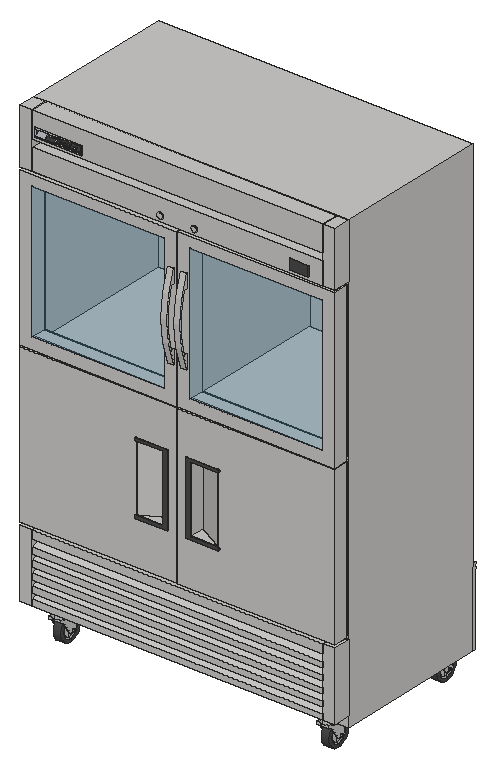
Revit family "QF_TRUE_TS-49-2-G-2-HC~FGD01", category Specialty Equipment, Revit 2015 (continued)
Definition of nested family "TS-49-2-G-2-HC-FGD01"
  Forms (in)
    Extrusion 38, solid, visible <- "Show Clearance", not visible, detail levels coarse
      sketch origin (0, -26.8125, 19) x (0, -1, 0) y (-1, 0, 0)
        loop
          arc (3, -26.94851) -> (21.16957, -18.61945) -> (28.4375, 0) r 26.64931
          line (28.4375, 0) -> (3, 0) -> (3, -26.94851)
        loop
          line (3, -27.20774) -> (3, -54.15625) -> (28.4375, -54.15625)
          arc (28.4375, -54.15625) -> (21.16957, -35.5368) -> (3, -27.20774) r 26.64931
      from -0.12866 to -27.125
    Extrusion 39, solid
      sketch origin (0, 0.375, 17.59595) x (0, 0, -1) y (-1, 0, 0)
        loop
          circle (4.84595, -27.07812) r 0.25
      from 0 to 0.125
    Extrusion 40, solid
      sketch origin (54.17132, -26.8125, 46.37866) x (0, 1, 0) y (1, 0, 0)
        loop
          line (0, -1.157) -> (0, -0.21392) -> (-2.06523, -0.25589)
          arc (-2.06523, -0.25589) -> (-2.48736, -0.68546) -> (-2.06523, -1.11503) r 0.42963
          line (-2.06523, -1.11503) -> (0, -1.157)
        loop
          circle (-2.05773, -0.68546) r 0.25
      from 0 to 0.22057
    Extrusion 41, solid
      sketch origin (54.17132, -26.8125, 46.37866) x (0, 1, 0) y (1, 0, 0)
        loop
          circle (-2.05773, -0.68546) r 0.25
      from 0 to 0.25366
    Extrusion 42, solid
      sketch origin (27.17132, -26.8125, 73.375) x (1, 0, 0) y (0, 1, 0)
        loop
          line (26.52659, -1.27764) -> (23.06149, -1.27764) -> (23.06149, -2.32875) -> (26.52659, -2.32875) -> (26.52659, -1.27764)
        loop
          circle (26.09113, -1.82353) r 0.25
        loop
          circle (24.44087, -1.81192) r 0.25
        loop
          circle (23.44087, -1.81192) r 0.25
      from 0 to 0.22057
    Extrusion 43, solid
      sketch origin (27.17132, -26.8125, 73.375) x (1, 0, 0) y (0, 1, 0)
        loop
          circle (24.44087, -1.81192) r 0.25
        loop
          circle (23.44087, -1.81192) r 0.25
      from 0 to 0.31015
    Extrusion 44, solid
      sketch origin (27.17132, -26.8125, 73.87265) x (1, 0, 0) y (0, 1, 0)
        loop
          circle (26.09249, -1.82353) r 0.25
      from 0.00235 to -0.27708
    Extrusion 45, solid
      sketch origin (27.17132, -26.8125, 73.68515) x (1, 0, 0) y (0, 1, 0)
        loop
          line (26.54743, -2.35477) -> (26.50632, 0) -> (25.58853, 0) -> (25.54743, -2.35477) -> (26.54743, -2.35477)
        loop
          circle (26.09249, -1.82353) r 0.25
      from 0 to 0.1875
    Extrusion 46, solid
      sketch origin (54.17132, -26.8125, 19.12866) x (0, 1, 0) y (1, 0, 0)
        loop
          line (0, -1.157) -> (0, -0.21392) -> (-2.06523, -0.25589)
          arc (-2.06523, -0.25589) -> (-2.48736, -0.68546) -> (-2.06523, -1.11503) r 0.42963
          line (-2.06523, -1.11503) -> (0, -1.157)
        loop
          circle (-2.05773, -0.68546) r 0.25
      from 0 to 0.22057
    Extrusion 47, solid
      sketch origin (54.17132, -26.8125, 19.12866) x (0, 1, 0) y (1, 0, 0)
        loop
          circle (-2.05773, -0.68546) r 0.25
      from 0 to 0.29961
    Extrusion 48, solid
      sketch origin (-0.01507, -26.8125, 46.37866) x (0, -1, 0) y (-1, 0, 0)
        loop
          line (0, -1.157) -> (2.06523, -1.11503)
          arc (2.06523, -1.11503) -> (2.48736, -0.68546) -> (2.06523, -0.25589) r 0.42963
          line (2.06523, -0.25589) -> (0, -0.21392) -> (0, -1.157)
        loop
          circle (2.05773, -0.68546) r 0.25
      from 0 to 0.22057
    Extrusion 49, solid
      sketch origin (-0.01507, -26.8125, 46.37866) x (0, -1, 0) y (-1, 0, 0)
        loop
          circle (2.05773, -0.68546) r 0.25
      from 0 to 0.25366
    Extrusion 50, solid
      sketch origin (26.98493, -26.8125, 73.375) x (-1, 0, 0) y (0, -1, 0)
        loop
          line (26.52659, 1.27764) -> (26.52659, 2.32875) -> (23.06149, 2.32875) -> (23.06149, 1.27764) -> (26.52659, 1.27764)
        loop
          circle (26.09113, 1.82353) r 0.25
        loop
          circle (24.44087, 1.81192) r 0.25
        loop
          circle (23.44087, 1.81192) r 0.25
      from 0 to 0.22057
    Extrusion 51, solid
      sketch origin (26.98493, -26.8125, 73.375) x (-1, 0, 0) y (0, -1, 0)
        loop
          circle (24.44087, 1.81192) r 0.25
        loop
          circle (23.44087, 1.81192) r 0.25
      from 0 to 0.31015
    Extrusion 52, solid
      sketch origin (26.98493, -26.8125, 73.87265) x (-1, 0, 0) y (0, -1, 0)
        loop
          circle (26.09249, 1.82353) r 0.25
      from 0.00235 to -0.27708
    Extrusion 53, solid
      sketch origin (26.98493, -26.8125, 73.68515) x (-1, 0, 0) y (0, -1, 0)
        loop
          line (26.54743, 2.35477) -> (25.54743, 2.35477) -> (25.58853, 0) -> (26.50632, 0) -> (26.54743, 2.35477)
        loop
          circle (26.09249, 1.82353) r 0.25
      from 0 to 0.1875
    Extrusion 54, solid
      sketch origin (-0.01507, -26.8125, 19.12866) x (0, -1, 0) y (-1, 0, 0)
        loop
          line (0, -1.157) -> (2.06523, -1.11503)
          arc (2.06523, -1.11503) -> (2.48736, -0.68546) -> (2.06523, -0.25589) r 0.42963
          line (2.06523, -0.25589) -> (0, -0.21392) -> (0, -1.157)
        loop
          circle (2.05773, -0.68546) r 0.25
      from 0 to 0.22057
    Extrusion 55, solid
      sketch origin (-0.01507, -26.8125, 19.12866) x (0, -1, 0) y (-1, 0, 0)
        loop
          circle (2.05773, -0.68546) r 0.25
      from 0 to 0.29961
    Extrusion 56, solid, not visible
      sketch origin (54.17132, -26.8125, 46.37866) x (0, 1, 0) y (1, 0, 0)
        loop
          line (0, -1.157) -> (0, -0.21392) -> (-2.06523, -0.25589)
          arc (-2.06523, -0.25589) -> (-2.48736, -0.68546) -> (-2.06523, -1.11503) r 0.42963
          line (-2.06523, -1.11503) -> (0, -1.157)
        loop
          circle (-2.05773, -0.68546) r 0.25
      from 0 to 0.22057
    Extrusion 57, solid, not visible
      sketch origin (54.17132, -26.8125, 46.37866) x (0, 1, 0) y (1, 0, 0)
        loop
          circle (-2.05773, -0.68546) r 0.25
      from 0 to 0.25366
    Extrusion 58, solid, not visible
      sketch origin (27.17132, -26.8125, 73.375) x (1, 0, 0) y (0, 1, 0)
        loop
          line (26.52659, -1.27764) -> (23.06149, -1.27764) -> (23.06149, -2.32875) -> (26.52659, -2.32875) -> (26.52659, -1.27764)
        loop
          circle (26.09113, -1.82353) r 0.25
        loop
          circle (24.44087, -1.81192) r 0.25
        loop
          circle (23.44087, -1.81192) r 0.25
      from 0 to 0.22057
    Extrusion 59, solid, not visible
      sketch origin (27.17132, -26.8125, 73.375) x (1, 0, 0) y (0, 1, 0)
        loop
          circle (24.44087, -1.81192) r 0.25
        loop
          circle (23.44087, -1.81192) r 0.25
      from 0 to 0.31015
    Extrusion 60, solid, not visible
      sketch origin (27.17132, -26.8125, 73.87265) x (1, 0, 0) y (0, 1, 0)
        loop
          circle (26.09249, -1.82353) r 0.25
      from 0.00235 to -0.27708
    Extrusion 61, solid, not visible
      sketch origin (27.17132, -26.8125, 73.68515) x (1, 0, 0) y (0, 1, 0)
        loop
          line (26.54743, -2.35477) -> (26.50632, 0) -> (25.58853, 0) -> (25.54743, -2.35477) -> (26.54743, -2.35477)
        loop
          circle (26.09249, -1.82353) r 0.25
      from 0 to 0.1875
    Extrusion 62, solid, not visible
      sketch origin (54.17132, -26.8125, 19.12866) x (0, 1, 0) y (1, 0, 0)
        loop
          line (0, -1.157) -> (0, -0.21392) -> (-2.06523, -0.25589)
          arc (-2.06523, -0.25589) -> (-2.48736, -0.68546) -> (-2.06523, -1.11503) r 0.42963
          line (-2.06523, -1.11503) -> (0, -1.157)
        loop
          circle (-2.05773, -0.68546) r 0.25
      from 0 to 0.22057
    Extrusion 63, solid, not visible
      sketch origin (54.17132, -26.8125, 19.12866) x (0, 1, 0) y (1, 0, 0)
        loop
          circle (-2.05773, -0.68546) r 0.25
      from 0 to 0.29961
    Extrusion 64, solid, not visible
      sketch origin (-0.01507, -26.8125, 46.37866) x (0, -1, 0) y (-1, 0, 0)
        loop
          line (0, -1.157) -> (2.06523, -1.11503)
          arc (2.06523, -1.11503) -> (2.48736, -0.68546) -> (2.06523, -0.25589) r 0.42963
          line (2.06523, -0.25589) -> (0, -0.21392) -> (0, -1.157)
        loop
          circle (2.05773, -0.68546) r 0.25
      from 0 to 0.22057
    Extrusion 65, solid, not visible
      sketch origin (-0.01507, -26.8125, 46.37866) x (0, -1, 0) y (-1, 0, 0)
        loop
          circle (2.05773, -0.68546) r 0.25
      from 0 to 0.25366
    Extrusion 66, solid, not visible
      sketch origin (26.98493, -26.8125, 73.375) x (-1, 0, 0) y (0, -1, 0)
        loop
          line (26.52659, 1.27764) -> (26.52659, 2.32875) -> (23.06149, 2.32875) -> (23.06149, 1.27764) -> (26.52659, 1.27764)
        loop
          circle (26.09113, 1.82353) r 0.25
        loop
          circle (24.44087, 1.81192) r 0.25
        loop
          circle (23.44087, 1.81192) r 0.25
      from 0 to 0.22057
    Extrusion 67, solid, not visible
      sketch origin (26.98493, -26.8125, 73.375) x (-1, 0, 0) y (0, -1, 0)
        loop
          circle (24.44087, 1.81192) r 0.25
        loop
          circle (23.44087, 1.81192) r 0.25
      from 0 to 0.31015
    Extrusion 68, solid, not visible
      sketch origin (26.98493, -26.8125, 73.87265) x (-1, 0, 0) y (0, -1, 0)
        loop
          circle (26.09249, 1.82353) r 0.25
      from 0.00235 to -0.27708
    Extrusion 69, solid, not visible
      sketch origin (26.98493, -26.8125, 73.68515) x (-1, 0, 0) y (0, -1, 0)
        loop
          line (26.54743, 2.35477) -> (25.54743, 2.35477) -> (25.58853, 0) -> (26.50632, 0) -> (26.54743, 2.35477)
        loop
          circle (26.09249, 1.82353) r 0.25
      from 0 to 0.1875
    Extrusion 70, solid, not visible
      sketch origin (-0.01507, -26.8125, 19.12866) x (0, -1, 0) y (-1, 0, 0)
        loop
          line (0, -1.157) -> (2.06523, -1.11503)
          arc (2.06523, -1.11503) -> (2.48736, -0.68546) -> (2.06523, -0.25589) r 0.42963
          line (2.06523, -0.25589) -> (0, -0.21392) -> (0, -1.157)
        loop
          circle (2.05773, -0.68546) r 0.25
      from 0 to 0.22057
    Extrusion 71, solid, not visible
      sketch origin (-0.01507, -26.8125, 19.12866) x (0, -1, 0) y (-1, 0, 0)
        loop
          circle (2.05773, -0.68546) r 0.25
      from 0 to 0.29961
  Cuts and joins
    joined: Extrusion 1, Extrusion 7, Extrusion 9
  Lines and regions (in)
    symbolic lines
      curve 1: line (0, -29.8125, 0) -> (54.15625, -29.8125, 0)
      curve 2: line (0, 0.5, 0) -> (0, -29.8125, 0)
      curve 3: line (54.15625, 0.5, 0) -> (0, 0.5, 0)
      curve 4: line (54.15625, -29.8125, 0) -> (54.15625, 0.5, 0)
      curve 5: line (0, 0, 0) -> (54.15625, 0, 0)
      curve 6: line (0, -26.8125, 0) -> (54.15625, -26.8125, 0)
      curve 7: line (2, -29.8125, 0) -> (2, -26.8125, 0)
      curve 8: line (52.15625, -29.8125, 0) -> (52.15625, -26.8125, 0)
      curve 9: line (25.44851, -31.34375, 0) -> (25.44851, -29.8125, 0)
      curve 10: line (25.44851, -31.34375, 0) -> (26.45776, -31.34375, 0)
      curve 11: line (26.45776, -31.34375, 0) -> (26.45776, -29.8125, 0)
      curve 12: line (27.69849, -29.8125, 0) -> (27.69849, -31.34375, 0)
      curve 13: line (28.70774, -29.8125, 0) -> (28.70774, -31.34375, 0)
      curve 14: line (28.70774, -31.34375, 0) -> (27.69849, -31.34375, 0)
      curve 15: line (0, -29.8125, 0) -> (22.77628, -42.96239, 0)
      curve 16: arc (26.94851, -29.8125, 0) -> (25.72808, -36.66211, 0) -> (22.77628, -42.96239, 0) r 26.64931
      curve 17: line (54.15625, -29.8125, 0) -> (31.37997, -42.96239, 0)
      curve 18: arc (27.20774, -29.8125, 0) -> (28.42817, -36.66211, 0) -> (31.37997, -42.96239, 0) r 26.64931
  Dimensions and locks (in)
    equal spacing: plane 3 "LEFT", plane 7 "Center Y", plane 4 "RIGHT"
    plane 3 "LEFT" to plane 4 "RIGHT" = 54 5/32"
    equal spacing: plane 5 "FRONT", plane 8 "Center X", plane 1 "BACK"
    plane 5 "FRONT" to plane 1 "BACK" = 29 13/16"
    plane 6 "TOP" to level = 83 3/8"
    plane 6 "TOP" to plane 9 = 78 5/16"
    plane 9 to level = 5 1/16"
    plane 4 "RIGHT" to plane 3 "LEFT" = 54 5/32"
    plane 1 "BACK" to plane 10 = 1/2"
    plane 11 to plane 5 "FRONT" = 1 17/32"
    plane 10 to plane 11 = 31 27/32"
    plane 1 "BACK" to plane 18 = 55 1/4"
    plane 1 "BACK" to plane 20 = 55 1/4"
    aligned and locked: level to plane 2
  Automatic sketch dimensions
    Extrusion 2 sketch curve to Extrusion 2 sketch curve = 1 1/4"  (x2)
    Extrusion 2 sketch curve to Extrusion 2 sketch curve = 1"  (x7)
    Extrusion 2 sketch curve to Extrusion 2 sketch curve = 2"  (x2)
    Extrusion 2 sketch curve to Extrusion 2 sketch curve = 0"  (x9)
    Extrusion 2 sketch curve to Extrusion 2 sketch curve = 0.51258"
    Extrusion 2 sketch curve to Extrusion 2 sketch curve = 0.43712"
    Extrusion 4 sketch curve to Extrusion 2 = 0.97242"  (x2)
    Extrusion 2 to Extrusion 4 sketch curve = 22.14431"
    Extrusion 4 sketch curve to Extrusion 4 sketch curve = 5.86763"
    Extrusion 5 sketch curve to plane 18 = 0"  (x2)
    Extrusion 6 sketch curve to Extrusion 1 = 0"  (x2)
    Extrusion 6 sketch curve to Extrusion 1 = 3/8"
    Extrusion 6 sketch curve to Extrusion 6 sketch curve = 12.53345"
    Extrusion 6 sketch curve to Extrusion 6 sketch curve = 0.34482"
    Extrusion 6 sketch curve to Extrusion 6 sketch curve = 0.3805"
    Extrusion 6 sketch curve to Extrusion 6 sketch curve = 0.16647"
    Extrusion 6 sketch curve to Extrusion 1 = 0.32496"
    Extrusion 6 sketch curve to Extrusion 6 sketch curve = 0.17678"
    Extrusion 6 sketch curve to Extrusion 6 sketch curve = 0.14819"
    Extrusion 6 sketch curve to Extrusion 6 sketch curve = 0"
    Extrusion 6 sketch curve to Extrusion 6 sketch curve = 1/8"
    Extrusion 6 sketch curve to Extrusion 6 sketch curve = 0.17504"
    Extrusion 7 sketch curve to Extrusion 1 = 0"  (x4)
    Extrusion 1 to Extrusion 7 sketch curve = 0"
    Extrusion 1 to Extrusion 7 sketch curve = 2"  (x2)
    Extrusion 1 to Extrusion 7 sketch curve = 2 5/8"
    Extrusion 8 sketch curve to Extrusion 8 sketch curve = 4.63686"  (x2)
    Extrusion 9 sketch curve to Extrusion 9 sketch curve = 2"
    Extrusion 10 sketch curve to Extrusion 10 sketch curve = 3 1/4"
    Extrusion 15 sketch curve to Extrusion 1 = 1/4"  (x3)
    Extrusion 15 sketch curve to Extrusion 1 = 11 1/2"
    Extrusion 1 to Extrusion 15 sketch curve = 23.19851"
    Extrusion 1 to Extrusion 15 sketch curve = 24.69851"
    Extrusion 15 sketch curve to Extrusion 15 sketch curve = 1 1/2"  (x3)
    Extrusion 15 sketch curve to Extrusion 15 sketch curve = 0.75923"  (x2)
    Extrusion 15 sketch curve to Extrusion 15 sketch curve = 23.44851"
    Extrusion 15 sketch curve to Extrusion 15 sketch curve = 0"  (x5)
    Extrusion 15 sketch curve to Extrusion 15 sketch curve = 23.74634"
    Extrusion 15 sketch curve to Extrusion 15 sketch curve = 1.37866"  (x2)
    Extrusion 15 sketch curve to Extrusion 15 sketch curve = 1"  (x2)
    Extrusion 15 sketch curve to Extrusion 1 = 14.19116"
    Extrusion 15 sketch curve to Extrusion 15 sketch curve = 1.37134"
    Extrusion 16 sketch curve to plane 16 = 0"
    Extrusion 16 sketch curve to plane 17 = 0"
    Extrusion 17 sketch curve to Extrusion 17 sketch curve = 3/4"  (x2)
    Extrusion 17 sketch curve to Extrusion 17 sketch curve = 4.63686"  (x3)
    Extrusion 17 sketch curve to Extrusion 17 sketch curve = 0"  (x3)
    Extrusion 17 sketch curve to Extrusion 17 sketch curve = 1/4"  (x4)
    Extrusion 18 sketch curve to Extrusion 18 sketch curve = 4.63686"  (x2)
    Extrusion 19 sketch curve to plane 19 = 0"  (x2)
    Extrusion 1 sketch curve to Extrusion 1 sketch curve = 2"
    Extrusion 1 sketch curve to Extrusion 1 sketch curve = 78 5/16"
    Extrusion 2 sketch curve to Extrusion 2 sketch curve = 4 1/2"
    Extrusion 2 sketch curve to Extrusion 2 sketch curve = 3 3/4"
    Extrusion 2 sketch curve to Extrusion 2 sketch curve = 55 1/4"
    Extrusion 2 sketch curve to Extrusion 2 sketch curve = 1 1/2"
    Extrusion 2 sketch curve to Extrusion 2 sketch curve = 2.0503"  (x2)
    Extrusion 2 sketch curve to Extrusion 2 sketch curve = 2.80755"
    Extrusion 2 sketch curve to Extrusion 2 sketch curve = 3"
    Extrusion 3 sketch curve to Extrusion 3 sketch curve = 22.94851"  (x2)
    Extrusion 3 sketch curve to Extrusion 3 sketch curve = 4.25923"
    Extrusion 3 sketch curve to Extrusion 3 sketch curve = 0"  (x2)
    Extrusion 3 sketch curve to Extrusion 3 sketch curve = 23.24634"
    Extrusion 5 sketch curve to Extrusion 5 sketch curve = 25 7/16"
    Extrusion 5 sketch curve to Extrusion 5 sketch curve = 0"
    Extrusion 5 sketch curve to Extrusion 5 sketch curve = 1.20981"  (x2)
    Extrusion 5 sketch curve to Extrusion 5 sketch curve = 0.32668"
    Extrusion 5 sketch curve to Extrusion 5 sketch curve = 0.25923"
    Extrusion 5 sketch curve to Extrusion 5 sketch curve = 26.62183"
    Extrusion 8 sketch curve to Extrusion 8 sketch curve = 0"  (x7)
    Extrusion 8 sketch curve to Extrusion 8 sketch curve = 2"  (x7)
    Extrusion 8 sketch curve to Extrusion 8 sketch curve = 20.06165"
    Extrusion 8 sketch curve to Extrusion 8 sketch curve = 22.94851"
    Extrusion 8 sketch curve to Extrusion 8 sketch curve = 2 1/4"
    Extrusion 8 sketch curve to Extrusion 8 sketch curve = 0.25923"
    Extrusion 8 sketch curve to Extrusion 8 sketch curve = 4.75923"
    Extrusion 8 sketch curve to Extrusion 8 sketch curve = 18.06165"
    Extrusion 8 sketch curve to Extrusion 8 sketch curve = 8.09547"
    Extrusion 8 sketch curve to Extrusion 8 sketch curve = 11 1/2"
    Extrusion 8 sketch curve to Extrusion 8 sketch curve = 7.40087"
    Extrusion 8 sketch curve to Extrusion 8 sketch curve = 0.25366"  (x2)
    Extrusion 8 sketch curve to Extrusion 8 sketch curve = 23.24634"  (x2)
    Extrusion 8 sketch curve to Extrusion 8 sketch curve = 1 3/4"
    Extrusion 9 sketch curve to Extrusion 9 sketch curve = 78 5/16"
    Extrusion 10 sketch curve to Extrusion 10 sketch curve = 1 3/4"
    Extrusion 11 sketch curve to Extrusion 11 sketch curve = 9 1/2"
    Extrusion 11 sketch curve to Extrusion 11 sketch curve = 55 1/4"
    Extrusion 11 sketch curve to Extrusion 11 sketch curve = 11 3/4"
    Extrusion 11 sketch curve to Extrusion 11 sketch curve = 0"
    Extrusion 11 sketch curve to Extrusion 11 sketch curve = 3"  (x2)
    Extrusion 12 sketch curve to Extrusion 12 sketch curve = 9 1/2"
    Extrusion 12 sketch curve to Extrusion 12 sketch curve = 55 1/4"
    Extrusion 12 sketch curve to Extrusion 12 sketch curve = 11 3/4"
    Extrusion 12 sketch curve to Extrusion 12 sketch curve = 0"
    Extrusion 12 sketch curve to Extrusion 12 sketch curve = 3"  (x2)
    plane 17 to Extrusion 16 sketch curve = 36 1/8"
    Extrusion 16 sketch curve to Extrusion 16 sketch curve = 24 5/64"  (x2)
    Extrusion 16 sketch curve to Extrusion 16 sketch curve = 0"  (x3)
    Extrusion 16 sketch curve to Extrusion 16 sketch curve = 2"  (x3)
    Extrusion 17 sketch curve to Extrusion 17 sketch curve = 3.25923"
    Extrusion 17 sketch curve to Extrusion 17 sketch curve = 11 1/2"
    Extrusion 18 sketch curve to Extrusion 18 sketch curve = 4.75923"
    Extrusion 18 sketch curve to Extrusion 18 sketch curve = 0"  (x2)
    Extrusion 18 sketch curve to Extrusion 18 sketch curve = 2 1/2"
    Extrusion 19 sketch curve to Extrusion 19 sketch curve = 25 7/16"
    Extrusion 19 sketch curve to Extrusion 19 sketch curve = 0"
    Extrusion 19 sketch curve to Extrusion 19 sketch curve = 1.20981"  (x2)
    Extrusion 19 sketch curve to Extrusion 19 sketch curve = 0.32668"
    Extrusion 19 sketch curve to Extrusion 19 sketch curve = 0.25923"
    Extrusion 19 sketch curve to Extrusion 19 sketch curve = 26.62183"
    Extrusion 21 sketch curve to Extrusion 21 sketch curve = 1 1/4"  (x2)
    Extrusion 21 sketch curve to Extrusion 21 sketch curve = 1"  (x7)
    Extrusion 21 sketch curve to Extrusion 21 sketch curve = 2"  (x2)
    Extrusion 21 sketch curve to Extrusion 21 sketch curve = 0"  (x9)
    Extrusion 21 sketch curve to Extrusion 21 sketch curve = 0.51258"
    Extrusion 21 sketch curve to Extrusion 21 sketch curve = 0.43712"
    Extrusion 23 sketch curve to Extrusion 21 = 0.97242"  (x2)
    Extrusion 21 to Extrusion 23 sketch curve = 22.14431"
    Extrusion 23 sketch curve to Extrusion 23 sketch curve = 5.86763"
    Extrusion 24 sketch curve to plane 27 = 0"  (x2)
    Extrusion 25 sketch curve to Extrusion 20 = 0"  (x2)
    Extrusion 25 sketch curve to Extrusion 20 = 3/8"
    Extrusion 25 sketch curve to Extrusion 25 sketch curve = 12.53345"
    Extrusion 25 sketch curve to Extrusion 25 sketch curve = 0.34482"
    Extrusion 25 sketch curve to Extrusion 25 sketch curve = 0.3805"
    Extrusion 25 sketch curve to Extrusion 25 sketch curve = 0.16647"
    Extrusion 25 sketch curve to Extrusion 20 = 0.32496"
    Extrusion 25 sketch curve to Extrusion 25 sketch curve = 0.17678"
    Extrusion 25 sketch curve to Extrusion 25 sketch curve = 0.14819"
    Extrusion 25 sketch curve to Extrusion 25 sketch curve = 0"
    Extrusion 25 sketch curve to Extrusion 25 sketch curve = 1/8"
    Extrusion 25 sketch curve to Extrusion 25 sketch curve = 0.17504"
    Extrusion 26 sketch curve to Extrusion 20 = 0"  (x4)
    Extrusion 20 to Extrusion 26 sketch curve = 0"
    Extrusion 20 to Extrusion 26 sketch curve = 2"  (x2)
    Extrusion 20 to Extrusion 26 sketch curve = 2 5/8"
    Extrusion 27 sketch curve to Extrusion 27 sketch curve = 4.63686"  (x2)
    Extrusion 28 sketch curve to Extrusion 28 sketch curve = 2"
    Extrusion 29 sketch curve to Extrusion 29 sketch curve = 3 1/4"
    Extrusion 34 sketch curve to Extrusion 20 = 1/4"  (x3)
    Extrusion 34 sketch curve to Extrusion 20 = 11 1/2"
    Extrusion 20 to Extrusion 34 sketch curve = 23.19851"
    Extrusion 20 to Extrusion 34 sketch curve = 24.69851"
    Extrusion 34 sketch curve to Extrusion 34 sketch curve = 1 1/2"  (x3)
    Extrusion 34 sketch curve to Extrusion 34 sketch curve = 0.75923"  (x2)
    Extrusion 34 sketch curve to Extrusion 34 sketch curve = 23.44851"
    Extrusion 34 sketch curve to Extrusion 34 sketch curve = 0"  (x5)
    Extrusion 34 sketch curve to Extrusion 34 sketch curve = 23.74634"
    Extrusion 34 sketch curve to Extrusion 34 sketch curve = 1.37866"  (x2)
    Extrusion 34 sketch curve to Extrusion 34 sketch curve = 1"  (x2)
    Extrusion 34 sketch curve to Extrusion 20 = 14.19116"
    Extrusion 34 sketch curve to Extrusion 34 sketch curve = 1.37134"
    Extrusion 35 sketch curve to plane 25 = 0"
    Extrusion 35 sketch curve to plane 26 = 0"
    Extrusion 36 sketch curve to Extrusion 36 sketch curve = 3/4"  (x2)
    Extrusion 36 sketch curve to Extrusion 36 sketch curve = 4.63686"  (x3)
    Extrusion 36 sketch curve to Extrusion 36 sketch curve = 0"  (x3)
    Extrusion 36 sketch curve to Extrusion 36 sketch curve = 1/4"  (x4)
    Extrusion 37 sketch curve to Extrusion 37 sketch curve = 4.63686"  (x2)
    Extrusion 38 sketch curve to plane 28 = 0"  (x2)
    Extrusion 20 sketch curve to Extrusion 20 sketch curve = 2"
    Extrusion 20 sketch curve to Extrusion 20 sketch curve = 78 5/16"
    Extrusion 21 sketch curve to Extrusion 21 sketch curve = 4 1/2"
    Extrusion 21 sketch curve to Extrusion 21 sketch curve = 3 3/4"
    Extrusion 21 sketch curve to Extrusion 21 sketch curve = 55 1/4"
    Extrusion 21 sketch curve to Extrusion 21 sketch curve = 1 1/2"
    Extrusion 21 sketch curve to Extrusion 21 sketch curve = 2.0503"  (x2)
    Extrusion 21 sketch curve to Extrusion 21 sketch curve = 2.80755"
    Extrusion 21 sketch curve to Extrusion 21 sketch curve = 3"
    Extrusion 22 sketch curve to Extrusion 22 sketch curve = 22.94851"  (x2)
    Extrusion 22 sketch curve to Extrusion 22 sketch curve = 4.25923"
    Extrusion 22 sketch curve to Extrusion 22 sketch curve = 0"  (x2)
    Extrusion 22 sketch curve to Extrusion 22 sketch curve = 23.24634"
    Extrusion 24 sketch curve to Extrusion 24 sketch curve = 25 7/16"
    Extrusion 24 sketch curve to Extrusion 24 sketch curve = 0"
    Extrusion 24 sketch curve to Extrusion 24 sketch curve = 1.20981"  (x2)
    Extrusion 24 sketch curve to Extrusion 24 sketch curve = 0.32668"
    Extrusion 24 sketch curve to Extrusion 24 sketch curve = 0.25923"
    Extrusion 24 sketch curve to Extrusion 24 sketch curve = 26.62183"
    Extrusion 27 sketch curve to Extrusion 27 sketch curve = 0"  (x7)
    Extrusion 27 sketch curve to Extrusion 27 sketch curve = 2"  (x7)
    Extrusion 27 sketch curve to Extrusion 27 sketch curve = 20.06165"
    Extrusion 27 sketch curve to Extrusion 27 sketch curve = 22.94851"
    Extrusion 27 sketch curve to Extrusion 27 sketch curve = 2 1/4"
    Extrusion 27 sketch curve to Extrusion 27 sketch curve = 0.25923"
    Extrusion 27 sketch curve to Extrusion 27 sketch curve = 4.75923"
    Extrusion 27 sketch curve to Extrusion 27 sketch curve = 18.06165"
    Extrusion 27 sketch curve to Extrusion 27 sketch curve = 8.09547"
    Extrusion 27 sketch curve to Extrusion 27 sketch curve = 11 1/2"
    Extrusion 27 sketch curve to Extrusion 27 sketch curve = 7.40087"
    Extrusion 27 sketch curve to Extrusion 27 sketch curve = 0.25366"  (x2)
    Extrusion 27 sketch curve to Extrusion 27 sketch curve = 23.24634"  (x2)
    Extrusion 27 sketch curve to Extrusion 27 sketch curve = 1 3/4"
    Extrusion 28 sketch curve to Extrusion 28 sketch curve = 78 5/16"
    Extrusion 29 sketch curve to Extrusion 29 sketch curve = 1 3/4"
    Extrusion 30 sketch curve to Extrusion 30 sketch curve = 9 1/2"
    Extrusion 30 sketch curve to Extrusion 30 sketch curve = 55 1/4"
    Extrusion 30 sketch curve to Extrusion 30 sketch curve = 11 3/4"
    Extrusion 30 sketch curve to Extrusion 30 sketch curve = 0"
    Extrusion 30 sketch curve to Extrusion 30 sketch curve = 3"  (x2)
    Extrusion 31 sketch curve to Extrusion 31 sketch curve = 9 1/2"
    Extrusion 31 sketch curve to Extrusion 31 sketch curve = 55 1/4"
    Extrusion 31 sketch curve to Extrusion 31 sketch curve = 11 3/4"
    Extrusion 31 sketch curve to Extrusion 31 sketch curve = 0"
    Extrusion 31 sketch curve to Extrusion 31 sketch curve = 3"  (x2)
    plane 26 to Extrusion 35 sketch curve = 36 1/8"
    Extrusion 35 sketch curve to Extrusion 35 sketch curve = 24 5/64"  (x2)
    Extrusion 35 sketch curve to Extrusion 35 sketch curve = 0"  (x3)
    Extrusion 35 sketch curve to Extrusion 35 sketch curve = 2"  (x3)
    Extrusion 36 sketch curve to Extrusion 36 sketch curve = 3.25923"
    Extrusion 36 sketch curve to Extrusion 36 sketch curve = 11 1/2"
    Extrusion 37 sketch curve to Extrusion 37 sketch curve = 4.75923"
    Extrusion 37 sketch curve to Extrusion 37 sketch curve = 0"  (x2)
    Extrusion 37 sketch curve to Extrusion 37 sketch curve = 2 1/2"
    Extrusion 38 sketch curve to Extrusion 38 sketch curve = 25 7/16"
    Extrusion 38 sketch curve to Extrusion 38 sketch curve = 0"
    Extrusion 38 sketch curve to Extrusion 38 sketch curve = 1.20981"  (x2)
    Extrusion 38 sketch curve to Extrusion 38 sketch curve = 0.32668"
    Extrusion 38 sketch curve to Extrusion 38 sketch curve = 0.25923"
    Extrusion 38 sketch curve to Extrusion 38 sketch curve = 26.62183"
    Extrusion 6 to Extrusion 39 sketch curve = 4.84595"
    Extrusion 6 to Extrusion 39 sketch curve = 27 5/64"
    Extrusion 14 sketch curve to plane 14 = 0"
    plane 15 to Extrusion 14 sketch curve = 0"
    Extrusion 14 sketch curve to plane 14 = 2 1/2"
    Extrusion 14 sketch curve to plane 15 = 2 1/2"
    Extrusion 14 sketch curve to Extrusion 14 sketch curve = 0"
    Extrusion 14 sketch curve to Extrusion 14 sketch curve = 0.60964"  (x2)
    Extrusion 14 sketch curve to Extrusion 14 sketch curve = 17.54993"
    Extrusion 14 sketch curve to Extrusion 14 sketch curve = 0.05054"
    Extrusion 13 sketch curve to plane 12 = 0"
    plane 13 to Extrusion 13 sketch curve = 0"
    Extrusion 13 sketch curve to plane 12 = 2 1/2"
    Extrusion 13 sketch curve to plane 13 = 2 1/2"
    Extrusion 13 sketch curve to Extrusion 13 sketch curve = 0"
    Extrusion 13 sketch curve to Extrusion 13 sketch curve = 0.60964"  (x2)
    Extrusion 13 sketch curve to Extrusion 13 sketch curve = 17.54993"
    Extrusion 13 sketch curve to Extrusion 13 sketch curve = 0.05175"
    Extrusion 33 sketch curve to plane 23 = 0"
    plane 24 to Extrusion 33 sketch curve = 0"
    Extrusion 33 sketch curve to plane 23 = 2 1/2"
    Extrusion 33 sketch curve to plane 24 = 2 1/2"
    Extrusion 33 sketch curve to Extrusion 33 sketch curve = 0"
    Extrusion 33 sketch curve to Extrusion 33 sketch curve = 0.60964"  (x2)
    Extrusion 33 sketch curve to Extrusion 33 sketch curve = 17.54993"
    Extrusion 33 sketch curve to Extrusion 33 sketch curve = 0.05054"
    Extrusion 32 sketch curve to plane 21 = 0"
    plane 22 to Extrusion 32 sketch curve = 0"
    Extrusion 32 sketch curve to plane 21 = 2 1/2"
    Extrusion 32 sketch curve to plane 22 = 2 1/2"
    Extrusion 32 sketch curve to Extrusion 32 sketch curve = 0"
    Extrusion 32 sketch curve to Extrusion 32 sketch curve = 0.60964"  (x2)
    Extrusion 32 sketch curve to Extrusion 32 sketch curve = 17.54993"
    Extrusion 32 sketch curve to Extrusion 32 sketch curve = 0.05175"
    curve 1 to plane 3 "LEFT" = 0"
    plane 5 "FRONT" to curve 7 = 0"
    plane 11 to curve 12 = 0"
    curve 1 to plane 4 "RIGHT" = 0"
    plane 1 "BACK" to curve 5 = 0"
    curve 3 to plane 10 = 0"
    plane 3 "LEFT" to curve 16 = 0.32668"
    curve 15 to plane 7 "Center Y" = 4.30184"
    plane 11 to curve 9 = 0"
    curve 9 to plane 7 "Center Y" = 1.62962"
    curve 11 to plane 7 "Center Y" = 0.62037"
    plane 7 "Center Y" to curve 12 = 0.62037"
    curve 12 to curve 14 = 1.00925"
    plane 7 "Center Y" to curve 17 = 4.30184"
    plane 4 "RIGHT" to curve 18 = 0.32668"
    plane 11 to curve 15 = 11.61864"
    curve 15 to curve 17 = 0"
    curve 18 to plane 5 "FRONT" = 1.20981"
    curve 16 to plane 5 "FRONT" = 1.20981"
    plane 3 "LEFT" to curve 7 = 2"
    plane 4 "RIGHT" to curve 8 = 2"
    curve 18 to curve 8 = 1.79019"
    Extrusion 40 sketch curve to Extrusion 40 sketch curve = 0"  (x3)
    Extrusion 40 sketch curve to Extrusion 40 sketch curve = 0.0075"
    Extrusion 40 sketch curve to Extrusion 40 sketch curve = 2.06523"
    Extrusion 40 sketch curve to Extrusion 40 sketch curve = 0.04197"
    Extrusion 40 sketch curve to Extrusion 40 sketch curve = 0.42957"
    Extrusion 40 sketch curve to Extrusion 40 sketch curve = 0.94308"
    Extrusion 42 sketch curve to Extrusion 42 sketch curve = 0.37938"
    Extrusion 42 sketch curve to Extrusion 42 sketch curve = 1"
    Extrusion 42 sketch curve to Extrusion 42 sketch curve = 1.65026"
    Extrusion 42 sketch curve to Extrusion 42 sketch curve = 0.43546"
    Extrusion 42 sketch curve to Extrusion 42 sketch curve = 0.50522"
    Extrusion 42 sketch curve to Extrusion 42 sketch curve = 0.51683"  (x2)
    Extrusion 42 sketch curve to Extrusion 42 sketch curve = 0.53428"
    Extrusion 43 sketch curve to Extrusion 43 sketch curve = 1"
    Extrusion 43 sketch curve to Extrusion 43 sketch curve = 0"
    Extrusion 45 sketch curve to Extrusion 45 sketch curve = 0.0411"
    Extrusion 45 sketch curve to Extrusion 45 sketch curve = 0.54506"
    Extrusion 45 sketch curve to Extrusion 45 sketch curve = 0.91779"
    Extrusion 45 sketch curve to Extrusion 45 sketch curve = 0.45494"
    Extrusion 45 sketch curve to Extrusion 45 sketch curve = 17/32"
    Extrusion 45 sketch curve to Extrusion 45 sketch curve = 1.82353"
    Extrusion 46 sketch curve to Extrusion 46 sketch curve = 0"  (x3)
    Extrusion 46 sketch curve to Extrusion 46 sketch curve = 0.0075"
    Extrusion 46 sketch curve to Extrusion 46 sketch curve = 2.06523"
    Extrusion 46 sketch curve to Extrusion 46 sketch curve = 0.04197"
    Extrusion 46 sketch curve to Extrusion 46 sketch curve = 0.42957"
    Extrusion 46 sketch curve to Extrusion 46 sketch curve = 0.94308"
    Extrusion 48 sketch curve to Extrusion 48 sketch curve = 0"  (x2)
    Extrusion 48 sketch curve to Extrusion 48 sketch curve = 2.05773"
    Extrusion 48 sketch curve to Extrusion 48 sketch curve = 0.0075"  (x2)
    Extrusion 48 sketch curve to Extrusion 48 sketch curve = 0.04197"
    Extrusion 48 sketch curve to Extrusion 48 sketch curve = 0.42957"
    Extrusion 48 sketch curve to Extrusion 48 sketch curve = 0.94308"
    Extrusion 50 sketch curve to Extrusion 50 sketch curve = 0.37938"
    Extrusion 50 sketch curve to Extrusion 50 sketch curve = 1"
    Extrusion 50 sketch curve to Extrusion 50 sketch curve = 1.65026"
    Extrusion 50 sketch curve to Extrusion 50 sketch curve = 0.43546"
    Extrusion 50 sketch curve to Extrusion 50 sketch curve = 0.53428"  (x2)
    Extrusion 50 sketch curve to Extrusion 50 sketch curve = 0.5459"
    Extrusion 50 sketch curve to Extrusion 50 sketch curve = 0.51683"
    Extrusion 51 sketch curve to Extrusion 51 sketch curve = 1"
    Extrusion 51 sketch curve to Extrusion 51 sketch curve = 0"
    Extrusion 53 sketch curve to Extrusion 53 sketch curve = 0.0411"
    Extrusion 53 sketch curve to Extrusion 53 sketch curve = 0.54506"
    Extrusion 53 sketch curve to Extrusion 53 sketch curve = 0.91779"
    Extrusion 53 sketch curve to Extrusion 53 sketch curve = 0.45494"
    Extrusion 53 sketch curve to Extrusion 53 sketch curve = 1.82353"
    Extrusion 53 sketch curve to Extrusion 53 sketch curve = 17/32"
    Extrusion 54 sketch curve to Extrusion 54 sketch curve = 0"  (x2)
    Extrusion 54 sketch curve to Extrusion 54 sketch curve = 2.05773"
    Extrusion 54 sketch curve to Extrusion 54 sketch curve = 0.0075"  (x2)
    Extrusion 54 sketch curve to Extrusion 54 sketch curve = 0.04197"
    Extrusion 54 sketch curve to Extrusion 54 sketch curve = 0.42957"
    Extrusion 54 sketch curve to Extrusion 54 sketch curve = 0.94308"
    Extrusion 56 sketch curve to Extrusion 56 sketch curve = 0"  (x3)
    Extrusion 56 sketch curve to Extrusion 56 sketch curve = 0.0075"
    Extrusion 56 sketch curve to Extrusion 56 sketch curve = 2.06523"
    Extrusion 56 sketch curve to Extrusion 56 sketch curve = 0.04197"
    Extrusion 56 sketch curve to Extrusion 56 sketch curve = 0.42957"
    Extrusion 56 sketch curve to Extrusion 56 sketch curve = 0.94308"
    Extrusion 58 sketch curve to Extrusion 58 sketch curve = 0.37938"
    Extrusion 58 sketch curve to Extrusion 58 sketch curve = 1"
    Extrusion 58 sketch curve to Extrusion 58 sketch curve = 1.65026"
    Extrusion 58 sketch curve to Extrusion 58 sketch curve = 0.43546"
    Extrusion 58 sketch curve to Extrusion 58 sketch curve = 0.50522"
    Extrusion 58 sketch curve to Extrusion 58 sketch curve = 0.51683"  (x2)
    Extrusion 58 sketch curve to Extrusion 58 sketch curve = 0.53428"
    Extrusion 59 sketch curve to Extrusion 59 sketch curve = 1"
    Extrusion 59 sketch curve to Extrusion 59 sketch curve = 0"
    Extrusion 61 sketch curve to Extrusion 61 sketch curve = 0.0411"
    Extrusion 61 sketch curve to Extrusion 61 sketch curve = 0.54506"
    Extrusion 61 sketch curve to Extrusion 61 sketch curve = 0.91779"
    Extrusion 61 sketch curve to Extrusion 61 sketch curve = 0.45494"
    Extrusion 61 sketch curve to Extrusion 61 sketch curve = 17/32"
    Extrusion 61 sketch curve to Extrusion 61 sketch curve = 1.82353"
    Extrusion 62 sketch curve to Extrusion 62 sketch curve = 0"  (x3)
    Extrusion 62 sketch curve to Extrusion 62 sketch curve = 0.0075"
    Extrusion 62 sketch curve to Extrusion 62 sketch curve = 2.06523"
    Extrusion 62 sketch curve to Extrusion 62 sketch curve = 0.04197"
    Extrusion 62 sketch curve to Extrusion 62 sketch curve = 0.42957"
    Extrusion 62 sketch curve to Extrusion 62 sketch curve = 0.94308"
    Extrusion 64 sketch curve to Extrusion 64 sketch curve = 0"  (x2)
    Extrusion 64 sketch curve to Extrusion 64 sketch curve = 2.05773"
    Extrusion 64 sketch curve to Extrusion 64 sketch curve = 0.0075"  (x2)
    Extrusion 64 sketch curve to Extrusion 64 sketch curve = 0.04197"
    Extrusion 64 sketch curve to Extrusion 64 sketch curve = 0.42957"
    Extrusion 64 sketch curve to Extrusion 64 sketch curve = 0.94308"
    Extrusion 66 sketch curve to Extrusion 66 sketch curve = 0.37938"
    Extrusion 66 sketch curve to Extrusion 66 sketch curve = 1"
    Extrusion 66 sketch curve to Extrusion 66 sketch curve = 1.65026"
    Extrusion 66 sketch curve to Extrusion 66 sketch curve = 0.43546"
    Extrusion 66 sketch curve to Extrusion 66 sketch curve = 0.53428"  (x2)
    Extrusion 66 sketch curve to Extrusion 66 sketch curve = 0.5459"
    Extrusion 66 sketch curve to Extrusion 66 sketch curve = 0.51683"
    Extrusion 67 sketch curve to Extrusion 67 sketch curve = 1"
    Extrusion 67 sketch curve to Extrusion 67 sketch curve = 0"
    Extrusion 69 sketch curve to Extrusion 69 sketch curve = 0.0411"
    Extrusion 69 sketch curve to Extrusion 69 sketch curve = 0.54506"
    Extrusion 69 sketch curve to Extrusion 69 sketch curve = 0.91779"
    Extrusion 69 sketch curve to Extrusion 69 sketch curve = 0.45494"
    Extrusion 69 sketch curve to Extrusion 69 sketch curve = 1.82353"
    Extrusion 69 sketch curve to Extrusion 69 sketch curve = 17/32"
    Extrusion 70 sketch curve to Extrusion 70 sketch curve = 0"  (x2)
    Extrusion 70 sketch curve to Extrusion 70 sketch curve = 2.05773"
    Extrusion 70 sketch curve to Extrusion 70 sketch curve = 0.0075"  (x2)
    Extrusion 70 sketch curve to Extrusion 70 sketch curve = 0.04197"
    Extrusion 70 sketch curve to Extrusion 70 sketch curve = 0.42957"
    Extrusion 70 sketch curve to Extrusion 70 sketch curve = 0.94308"
    radius of Extrusion 4 sketch curve = 1/2"  (x2)
    radius of Extrusion 23 sketch curve = 1/2"  (x2)
    radius of Extrusion 39 sketch curve = 1/4"
    radius of Extrusion 40 sketch curve = 1/4"
    radius of Extrusion 41 sketch curve = 1/4"
    radius of Extrusion 42 sketch curve = 1/4"  (x3)
    radius of Extrusion 43 sketch curve = 1/4"  (x2)
    radius of Extrusion 44 sketch curve to Extrusion 45 = 0"
    radius of Extrusion 45 sketch curve = 1/4"
    radius of Extrusion 46 sketch curve = 1/4"
    radius of Extrusion 47 sketch curve = 1/4"
    radius of Extrusion 48 sketch curve = 1/4"
    radius of Extrusion 49 sketch curve = 1/4"
    radius of Extrusion 50 sketch curve = 1/4"  (x3)
    radius of Extrusion 51 sketch curve = 1/4"  (x2)
    radius of Extrusion 52 sketch curve to Extrusion 53 = 0"
    radius of Extrusion 53 sketch curve = 1/4"
    radius of Extrusion 54 sketch curve = 1/4"
    radius of Extrusion 55 sketch curve = 1/4"
    radius of Extrusion 56 sketch curve = 1/4"
    radius of Extrusion 57 sketch curve = 1/4"
    radius of Extrusion 58 sketch curve = 1/4"  (x3)
    radius of Extrusion 59 sketch curve = 1/4"  (x2)
    radius of Extrusion 60 sketch curve to Extrusion 61 = 0"
    radius of Extrusion 61 sketch curve = 1/4"
    radius of Extrusion 62 sketch curve = 1/4"
    radius of Extrusion 63 sketch curve = 1/4"
    radius of Extrusion 64 sketch curve = 1/4"
    radius of Extrusion 65 sketch curve = 1/4"
    radius of Extrusion 66 sketch curve = 1/4"  (x3)
    radius of Extrusion 67 sketch curve = 1/4"  (x2)
    radius of Extrusion 68 sketch curve to Extrusion 69 = 0"
    radius of Extrusion 69 sketch curve = 1/4"
    radius of Extrusion 70 sketch curve = 1/4"
    radius of Extrusion 71 sketch curve = 1/4"
  Nested families (in)
    nested 1: "QF_LOGO_TRUE" at (2.5, -29.8125, 79.375), Show Logo <- "Show Logo", type "QF_LOGO_TRUE", detail levels medium+fine
      with Show Logo yes
  Definition of nested family "QF_LOGO_TRUE"
    Parameters (values of type "QF_LOGO_TRUE")
      Show Logo [instance] = yes
    Reference planes (in)
      plane 1 "Center (Front/Back)": y = 0
      plane 2: z = 0
      plane 3 "Center (Left/Right)": x = 0
    Forms (in)
      Extrusion 1, solid, visible <- "Show Logo", detail levels medium+fine
        sketch origin (-78.34647, 34.76905, -30.51001) x (1, 0, 0) y (0, 0, 1)
          loop
            line (81.15226, 31.65456) -> (81.07353, 31.48573) -> (82.12083, 31.48573)
            arc (82.12083, 31.48573) -> (82.14208, 31.44814) -> (82.12083, 31.41055) r 0.04386
            line (82.12083, 31.41055) -> (81.84767, 30.82478)
            arc (81.84767, 30.82478) -> (81.84531, 30.77052) -> (81.882, 30.73048) r 0.07096
            line (81.882, 30.73048) -> (82.55165, 30.73048)
            arc (82.55165, 30.73048) -> (82.63621, 30.75714) -> (82.69019, 30.82748) r 0.14742
            line (82.69019, 30.82748) -> (82.90515, 31.28847) -> (83.10265, 31.28847)
            arc (83.10265, 31.28847) -> (83.15447, 31.26942) -> (83.14697, 31.21472) r 0.04405
            line (83.14697, 31.21472) -> (82.9671, 30.82899)
            arc (82.9671, 30.82899) -> (82.9699, 30.76493) -> (83.02398, 30.73048) r 0.06943
            line (83.02398, 30.73048) -> (83.6124, 30.73048)
            arc (83.6124, 30.73048) -> (83.65748, 30.74689) -> (83.68147, 30.78844) r 0.07014
            arc (83.68147, 30.78844) -> (83.69845, 30.74745) -> (83.73943, 30.73048) r 0.05796
            line (83.73943, 30.73048) -> (84.112, 30.73048)
            arc (84.112, 30.73048) -> (84.15504, 30.74201) -> (84.18655, 30.77352) r 0.08608
            arc (84.18655, 30.77352) -> (84.20164, 30.7371) -> (84.23806, 30.72202) r 0.0515
            line (84.23806, 30.72202) -> (84.76757, 30.72202)
            arc (84.76757, 30.72202) -> (84.81086, 30.73995) -> (84.8288, 30.78324) r 0.06122
            arc (84.8288, 30.78324) -> (84.86848, 30.74355) -> (84.92269, 30.72903) r 0.10842
            line (84.92269, 30.72903) -> (85.91461, 30.72903) -> (86.02479, 30.91987) -> (85.0243, 30.91987)
            arc (85.0243, 30.91987) -> (84.99669, 30.93902) -> (84.99566, 30.97261) r 0.03732
            line (84.99566, 30.97261) -> (85.01297, 31.00972)
            arc (85.01297, 31.00972) -> (85.03954, 31.04453) -> (85.0813, 31.05774) r 0.07263
            line (85.0813, 31.05774) -> (85.40289, 31.05774)
            arc (85.40289, 31.05774) -> (85.4723, 31.07633) -> (85.52311, 31.12715) r 0.13882
            line (85.52311, 31.12715) -> (85.61625, 31.28847)
            arc (85.61625, 31.28847) -> (85.61625, 31.37458) -> (85.54168, 31.41763) r 0.08611
            line (85.54168, 31.41763) -> (85.20227, 31.41763)
            arc (85.20227, 31.41763) -> (85.11574, 31.40294) -> (85.05538, 31.33923) r 0.13863
            line (85.05538, 31.33923) -> (84.89409, 30.99333)
            arc (84.89409, 30.99333) -> (84.84649, 30.9313) -> (84.77191, 30.90778) r 0.13002
            line (84.77191, 30.90778) -> (84.41984, 30.90778)
            arc (84.41984, 30.90778) -> (84.3777, 30.95378) -> (84.38042, 31.0161) r 0.08151
            line (84.38042, 31.0161) -> (84.56766, 31.41763) -> (84.44849, 31.41763) -> (84.25012, 30.99222)
            arc (84.25012, 30.99222) -> (84.21158, 30.94199) -> (84.15119, 30.92296) r 0.10527
            line (84.15119, 30.92296) -> (83.90842, 30.92296)
            arc (83.90842, 30.92296) -> (83.8674, 30.97642) -> (83.87619, 31.04323) r 0.08805
            line (83.87619, 31.04323) -> (84.05078, 31.41763) -> (83.92772, 31.41763) -> (83.72676, 30.98668)
            arc (83.72676, 30.98668) -> (83.68011, 30.94003) -> (83.61639, 30.92296) r 0.12745
            line (83.61639, 30.92296) -> (83.26484, 30.92296)
            arc (83.26484, 30.92296) -> (83.2017, 30.9524) -> (83.19563, 31.0218) r 0.06967
            line (83.19563, 31.0218) -> (83.31118, 31.26961) -> (83.47452, 31.26961)
            arc (83.47452, 31.26961) -> (83.50209, 31.35268) -> (83.56075, 31.41763) r 0.21289
            line (83.56075, 31.41763) -> (82.92244, 31.41763)
            arc (82.92244, 31.41763) -> (82.85151, 31.40191) -> (82.80242, 31.34834) r 0.12081
            line (82.80242, 31.34834) -> (82.6294, 30.9773)
            arc (82.6294, 30.9773) -> (82.58962, 30.93752) -> (82.53528, 30.92296) r 0.10869
            line (82.53528, 30.92296) -> (82.1542, 30.92296)
            arc (82.1542, 30.92296) -> (82.12446, 30.96315) -> (82.13012, 31.01283) r 0.06822
            line (82.13012, 31.01283) -> (82.38156, 31.48573) -> (83.01596, 31.48573) -> (83.09469, 31.65456) -> (82.46029, 31.65456) -> (82.53902, 31.8234) -> (82.31334, 31.8234) -> (82.23461, 31.65456) -> (81.15226, 31.65456)
          loop
            arc (85.15937, 31.26434) -> (85.13191, 31.25698) -> (85.1118, 31.23688) r 0.05494
            line (85.1118, 31.23688) -> (85.09547, 31.18665)
            arc (85.09547, 31.18665) -> (85.10304, 31.16837) -> (85.12133, 31.16079) r 0.02586
            line (85.12133, 31.16079) -> (85.39889, 31.16079)
            arc (85.39889, 31.16079) -> (85.41888, 31.16523) -> (85.43513, 31.1777) r 0.04731
            line (85.43513, 31.1777) -> (85.44863, 31.2402)
            arc (85.44863, 31.2402) -> (85.44466, 31.25693) -> (85.42914, 31.26434) r 0.01994
            line (85.42914, 31.26434) -> (85.15937, 31.26434)
          loop
            line (78.62961, 30.74125) -> (80.12032, 30.74125) -> (80.73891, 31.81268) -> (79.2482, 31.81268) -> (78.62961, 30.74125)
        from 34.76797 to 34.83173
      Extrusion 2, solid, visible <- "Show Logo", detail levels medium+fine
        sketch origin (-142.84857, 34.75108, -33.3546) x (1, 0, 0) y (0, 0, 1)
          loop
            line (150.81107, 34.71978) -> (142.98607, 34.71978) -> (142.98607, 33.4921) -> (150.81107, 33.4921) -> (150.81107, 34.71978)
        from 34.75108 to 34.78125
      Extrusion 3, solid, visible <- "Show Logo", detail levels medium+fine
        sketch origin (-142.84857, 34.75108, -33.3546) x (1, 0, 0) y (0, 0, 1)
          loop
            line (150.94857, 34.85727) -> (142.84857, 34.85727) -> (142.84857, 33.3546) -> (150.94857, 33.3546) -> (150.94857, 34.85727)
          loop
            line (142.98607, 34.71978) -> (142.98607, 33.4921) -> (150.81107, 33.4921) -> (150.81107, 34.71978) -> (142.98607, 34.71978)
        from 34.75108 to 34.81376
      Extrusion 4, solid, not visible
        sketch origin (121.45701, -16.5, 4.98235) x (1, 0, 0) y (0, 0, 1)
          loop
            line (25.20115, 35.89949) -> (25.20115, 33.96647) -> (30.95381, 33.96647) -> (30.95381, 35.89949) -> (25.20115, 35.89949)
        from 31.5 to 31.54261
      Extrusion 5, solid, not visible
        sketch origin (121.45701, -16.5, 4.98235) x (1, 0, 0) y (0, 0, 1)
          loop
            line (26.7387, 34.95472) -> (26.61492, 34.49276) -> (27.038, 34.49276)
            arc (27.038, 34.49276) -> (27.13117, 34.52484) -> (27.18485, 34.60749) r 0.15134
            arc (27.18485, 34.60749) -> (27.20396, 34.68138) -> (27.22435, 34.75493) r 4.37326
            arc (27.22435, 34.75493) -> (27.23458, 34.81765) -> (27.22435, 34.88037) r 0.1974
            arc (27.22435, 34.88037) -> (27.18247, 34.93579) -> (27.11563, 34.95472) r 0.10914
            line (27.11563, 34.95472) -> (26.7387, 34.95472)
          loop
            line (26.90201, 34.80638) -> (26.84645, 34.59903) -> (26.92855, 34.59903)
            arc (26.92855, 34.59903) -> (26.98205, 34.6185) -> (27.01051, 34.6678) r 0.08322
            line (27.01051, 34.6678) -> (27.02399, 34.74424)
            arc (27.02399, 34.74424) -> (27.01491, 34.78454) -> (26.97985, 34.80638) r 0.05353
            line (26.97985, 34.80638) -> (26.90201, 34.80638)
          loop
            line (27.45336, 34.66131) -> (27.76233, 34.66131) -> (27.78859, 34.73909)
            arc (27.78859, 34.73909) -> (27.7878, 34.82039) -> (27.73107, 34.87864) r 0.10925
            arc (27.73107, 34.87864) -> (27.68233, 34.8944) -> (27.63139, 34.89974) r 0.24595
            line (27.63139, 34.89974) -> (27.46708, 34.89974)
            arc (27.46708, 34.89974) -> (27.4068, 34.88073) -> (27.3535, 34.84677) r 0.2421
            arc (27.3535, 34.84677) -> (27.2897, 34.76363) -> (27.26702, 34.66131) r 0.2421
            line (27.26702, 34.66131) -> (27.26702, 34.54477)
            arc (27.26702, 34.54477) -> (27.31618, 34.4956) -> (27.38334, 34.47761) r 0.13431
            line (27.38334, 34.47761) -> (27.59054, 34.47761)
            arc (27.59054, 34.47761) -> (27.63459, 34.48281) -> (27.67622, 34.49812) r 0.18924
            line (27.67622, 34.49812) -> (27.73102, 34.61563)
            arc (27.73102, 34.61563) -> (27.68453, 34.59565) -> (27.63566, 34.58252) r 0.35376
            arc (27.63566, 34.58252) -> (27.55885, 34.56956) -> (27.48204, 34.58252) r 0.23415
            arc (27.48204, 34.58252) -> (27.44492, 34.61362) -> (27.45336, 34.66131) r 0.04838
          loop
            line (27.4842, 34.73042) -> (27.62012, 34.73042) -> (27.62621, 34.76496)
            arc (27.62621, 34.76496) -> (27.58961, 34.80242) -> (27.53739, 34.80638) r 0.0742
            arc (27.53739, 34.80638) -> (27.49747, 34.77773) -> (27.4842, 34.73042) r 0.0742
          loop
            line (27.91616, 34.97572) -> (27.78675, 34.49276) -> (27.98645, 34.49276) -> (28.11586, 34.97572) -> (27.91616, 34.97572)
          loop
            line (28.13678, 34.66131) -> (28.08755, 34.47761) -> (28.27134, 34.47761) -> (28.32056, 34.66131) -> (28.43674, 34.66131) -> (28.47974, 34.78864) -> (28.36519, 34.78864)
            arc (28.36519, 34.78864) -> (28.35733, 34.81649) -> (28.36921, 34.84288) r 0.04231
            arc (28.36921, 34.84288) -> (28.431, 34.8652) -> (28.49617, 34.85686) r 0.13988
            line (28.49617, 34.85686) -> (28.53544, 34.97317)
            arc (28.53544, 34.97317) -> (28.39725, 34.99096) -> (28.25905, 34.97317) r 0.54546
            arc (28.25905, 34.97317) -> (28.20849, 34.91994) -> (28.18197, 34.85147) r 0.1894
            line (28.18197, 34.85147) -> (28.17089, 34.78864) -> (28.11397, 34.78864) -> (28.07985, 34.66131) -> (28.13678, 34.66131)
          loop
            arc (28.74846, 34.89756) -> (28.65884, 34.88533) -> (28.56922, 34.89756) r 0.33455
            line (28.56922, 34.89756) -> (28.45669, 34.47761) -> (28.63593, 34.47761) -> (28.74846, 34.89756)
          loop
            arc (28.60398, 35.01195) -> (28.57699, 34.97173) -> (28.60398, 34.9315) r 0.04347
            line (28.60398, 34.9315) -> (28.75755, 34.9315)
            arc (28.75755, 34.9315) -> (28.78645, 34.96687) -> (28.77911, 35.01195) r 0.0556
            line (28.77911, 35.01195) -> (28.60398, 35.01195)
          loop
            line (28.95336, 34.66131) -> (29.26233, 34.66131) -> (29.28859, 34.73909)
            arc (29.28859, 34.73909) -> (29.2878, 34.82039) -> (29.23107, 34.87864) r 0.10925
            arc (29.23107, 34.87864) -> (29.18233, 34.8944) -> (29.13139, 34.89974) r 0.24595
            line (29.13139, 34.89974) -> (28.96708, 34.89974)
            arc (28.96708, 34.89974) -> (28.9068, 34.88073) -> (28.8535, 34.84677) r 0.2421
            arc (28.8535, 34.84677) -> (28.7897, 34.76363) -> (28.76702, 34.66131) r 0.2421
            line (28.76702, 34.66131) -> (28.76702, 34.54477)
            arc (28.76702, 34.54477) -> (28.81618, 34.4956) -> (28.88334, 34.47761) r 0.13431
            line (28.88334, 34.47761) -> (29.09054, 34.47761)
            arc (29.09054, 34.47761) -> (29.13459, 34.48281) -> (29.17622, 34.49812) r 0.18924
            line (29.17622, 34.49812) -> (29.23102, 34.61563)
            arc (29.23102, 34.61563) -> (29.18453, 34.59565) -> (29.13566, 34.58252) r 0.35376
            arc (29.13566, 34.58252) -> (29.05885, 34.56956) -> (28.98204, 34.58252) r 0.23415
            arc (28.98204, 34.58252) -> (28.94492, 34.61362) -> (28.95336, 34.66131) r 0.04838
          loop
            line (28.9842, 34.73042) -> (29.12012, 34.73042) -> (29.12621, 34.76496)
            arc (29.12621, 34.76496) -> (29.08961, 34.80242) -> (29.03739, 34.80638) r 0.0742
            arc (29.03739, 34.80638) -> (28.99747, 34.77773) -> (28.9842, 34.73042) r 0.0742
          loop
            line (29.41616, 34.97572) -> (29.28675, 34.49276) -> (29.48645, 34.49276) -> (29.61586, 34.97572) -> (29.41616, 34.97572)
          loop
            line (29.99836, 34.97572) -> (29.95192, 34.80242)
            arc (29.95192, 34.80242) -> (29.94473, 34.85705) -> (29.90102, 34.89059) r 0.07199
            arc (29.90102, 34.89059) -> (29.80023, 34.89941) -> (29.70251, 34.87322) r 0.29131
            arc (29.70251, 34.87322) -> (29.61806, 34.7652) -> (29.5896, 34.63108) r 0.30433
            line (29.5896, 34.63108) -> (29.5896, 34.55572)
            arc (29.5896, 34.55572) -> (29.61075, 34.50463) -> (29.66184, 34.48348) r 0.07224
            line (29.66184, 34.48348) -> (29.78537, 34.48348)
            arc (29.78537, 34.48348) -> (29.83854, 34.51313) -> (29.88504, 34.55243) r 0.31609
            line (29.88504, 34.55243) -> (29.86905, 34.49276) -> (30.05973, 34.49276) -> (30.18914, 34.97572) -> (29.99836, 34.97572)
          loop
            arc (29.84537, 34.75931) -> (29.79424, 34.71128) -> (29.77745, 34.64317) r 0.12371
            arc (29.77745, 34.64317) -> (29.80071, 34.59901) -> (29.85056, 34.59647) r 0.05045
            arc (29.85056, 34.59647) -> (29.90141, 34.64047) -> (29.92536, 34.7033) r 0.13769
            arc (29.92536, 34.7033) -> (29.90211, 34.75521) -> (29.84537, 34.75931) r 0.05543
          loop
            line (26.45047, 35.26762) -> (26.58211, 35.26762)
            arc (26.58211, 35.26762) -> (26.60467, 35.30821) -> (26.62126, 35.35157) r 0.3277
            arc (26.62126, 35.35157) -> (26.62714, 35.39992) -> (26.60877, 35.44503) r 0.09693
            arc (26.60877, 35.44503) -> (26.56454, 35.48868) -> (26.50462, 35.50516) r 0.12312
            arc (26.50462, 35.50516) -> (26.44158, 35.50565) -> (26.37854, 35.50546) r 5.76967
            arc (26.37854, 35.50546) -> (26.07462, 35.42923) -> (25.81045, 35.26076) r 0.97743
            line (25.81045, 35.26076) -> (25.85921, 35.26076)
            arc (25.85921, 35.26076) -> (26.08494, 35.39361) -> (26.3396, 35.45485) r 0.88817
            arc (26.3396, 35.45485) -> (26.41429, 35.44188) -> (26.47267, 35.39352) r 0.14748
            arc (26.47267, 35.39352) -> (26.48041, 35.32725) -> (26.45047, 35.26762) r 0.11636
          loop
            arc (26.35412, 35.17841) -> (26.19578, 35.0555) -> (26.00982, 34.98069) r 0.72453
            arc (26.00982, 34.98069) -> (25.9036, 34.95581) -> (25.79459, 34.9604) r 0.40201
            arc (25.79459, 34.9604) -> (25.7275, 34.98819) -> (25.69972, 35.05528) r 0.09488
            arc (25.69972, 35.05528) -> (25.71867, 35.12629) -> (25.77049, 35.17841) r 0.1425
            line (25.77049, 35.17841) -> (25.73665, 35.18748)
            arc (25.73665, 35.18748) -> (25.67632, 35.09876) -> (25.66924, 34.99171) r 0.20432
            arc (25.66924, 34.99171) -> (25.71443, 34.9227) -> (25.79473, 34.90384) r 0.11116
            arc (25.79473, 34.90384) -> (25.91172, 34.89904) -> (26.02716, 34.91862) r 0.56145
            arc (26.02716, 34.91862) -> (26.27675, 35.021) -> (26.49584, 35.17841) r 1.15683
            line (26.49584, 35.17841) -> (26.35412, 35.17841)
        from 31.54261 to 31.56272
    Dimensions and locks (in)
      aligned and locked: level to plane 2
      aligned and locked: Extrusion 2 to Extrusion 3  (x2)
      aligned and locked: Extrusion 2 sketch curve to Extrusion 3
